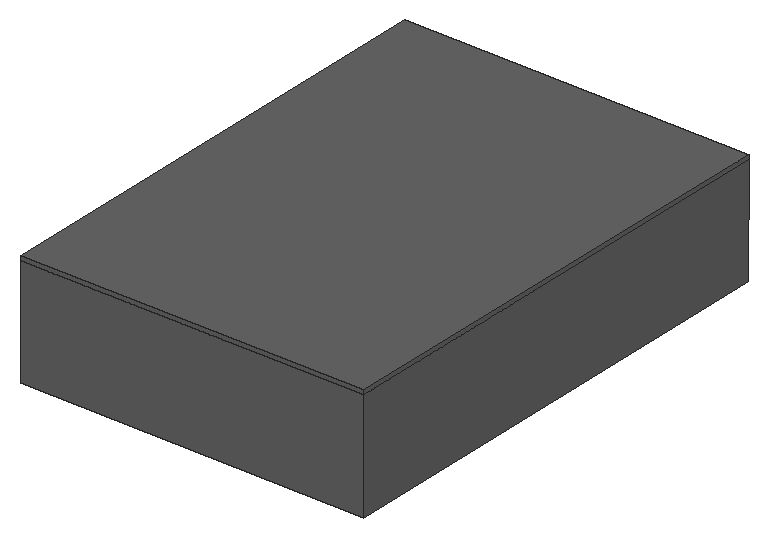
Revit family "Control_Panels-Lutron-Panel_Enclosure-LV14 new", category Electrical Equipment, host Face, Revit 2017
Family settings
  Host = Face
  Panel Configuration = Two Columns, Circuits Across
  Round Connector Dimension = Use Radius
  Part Type = Panelboard
  OmniClass Number = 23.80.30.11.17
  OmniClass Title = Distribution Boards and Control Panels
  Cut with Voids When Loaded = No
  Shared = No
  Room Calculation Point = No
Parameters (values of type "L-LV14-120")
  Wattage = ""
  Warranty URL = "http://www.lutron.com/en-US/Service-Support/Pages/Service/Warranty/Warranty.aspx"
  Voltage = "120.00 V"
  Video Link = "https://www.youtube.com/user/LutronElectronicsInc"
  Version = "2017 - v1.0a"  # constant formula
  Unit Weight = 0.00 lbf
  URL = "http://www.lutron.com"
  Type Comments = ""
  Support Phone = "(224) 699-9545"  # constant formula
  Support Email = "mailto: support@anguleris.com"
  built-in parameter 1140142 = (empty or 0)
  built-in parameter 1140080 [instance] = (empty or 0)
  Series = "HomeWorks QS"  # constant formula
  Product Page URL = "http://www.lutron.com/en-US/Products/Pages/WholeHomeSystems/Homeworksqs/Overview.aspx"
  Product Name = "Low-Voltage Enclosure"  # constant formula
  Product Documentation Link = "http://www.lutron.com/TechnicalDocumentLibrary/369-604a_Eng.pdf"
  Power Factor = 1
  Phase = 1
  Performance URL = "http://www.lutron.com/en-US/Service-Support/Pages/Technical/PerfomanceSpecs.aspx"
  Panel Name [instance] = "Panel Enclosure - LV14"  # constant formula
  Overall Width = 9 51/256"  # constant formula
  Overall Height = 13 77/256"  # constant formula
  Overall Depth = 3 41/256"  # constant formula
  Number of Poles = 1
  Neutral Rating = 0.00%
  built-in parameter 1140145 = 1
  built-in parameter 1140081 [instance] = "Surface"  # constant formula
  built-in parameter 1140084 [instance] = (empty or 0)
  Model = "L-LV14-120"
  built-in parameter 1140079 [instance] = 8
  Material = ""
  Manufacturer Phone Number = "610-282-3800"  # constant formula
  Manufacturer Fax Number = "610-282-1243"  # constant formula
  Manufacturer Email = "mailto:support@lutron.com"
  Manufacturer Address = "7200 Suter Rd, Coopersburg, PA 18036"  # constant formula
  Manufacturer = "Lutron Electronics Co., Inc"  # constant formula
  Mains Type = ""
  built-in parameter 1140082 [instance] = 1 (stored number, unit not read)
  built-in parameter 1140140 = 1 (stored number, unit not read)
  Load Classification = Power
  Keynote = ""
  Instruction Sheet Link = "http://www.lutron.com/TechnicalDocumentLibrary/032164a.pdf"
  Ground Bus = yes
  Frequency = 60 Hz
  Finish = Steel - Lutron - Black
  Feed Through Control Circuit Voltage = 1.03572 V
  Feed Through Control Circuit Load [instance] = 0 VA
  built-in parameter 1140138 [instance] = "120 V"
  built-in parameter 1140083 [instance] = "14-inch Low-Voltage Enclosure (Model L-LV14)"  # constant formula
  Electrical Potential = 1.03572 V
  Description = "Low-Voltage Enclosure"  # constant formula
  Default Elevation = 0"
  Cost Info = "mailto:custsvc@lutron.com"
  Cost = 0
  Copyright = "© 2019 Lutron Electronics Co., Inc."  # constant formula
  built-in parameter 1140086 [instance] = (empty or 0)
  built-in parameter 1140085 [instance] = (empty or 0)
  built-in parameter 1140087 [instance] = 1
  built-in parameter 1140143 = (empty or 0)
  Assembly Code = "D5020"
Types (2): name | Voltage | Model | Feed Through Control Circuit Voltage | built-in parameter 1140138 | Electrical Potential
  L-LV14-120 | "120.00 V" | "L-LV14-120" | 1.03572 V | "120 V" | 1.03572 V
  L-LV14-230 | "230.00 V" | "L-LV14-230" | 1.04 V | "230 V" | 1.04 V
Reference planes (in)
  plane 1 "Center (Front/Back)": y = 0
  plane 2: z = 0
  plane 3 "Center (Left/Right)": x = 0
  plane 4: y = 13.30078
  plane 5: x = 4.59961
  plane 6: x = -4.59961
  plane 7: z = 3.16
  plane 8: x = 4.74961
  plane 9: x = -4.74961
  plane 10: y = 6.65039
  plane 11: z = 3.035
Forms (in)
  Extrusion 1, solid, material "Steel - Lutron - Black" <- "Finish"
    sketch origin (-60, -180, 12) x (-1, 0, 0) y (0, -1, 0)
      loop
        line (-55.25039, -193.30078) -> (-55.25039, -180) -> (-64.74961, -180) -> (-64.74961, -193.30078) -> (-55.25039, -193.30078)
    from -12 to -8.965
  Extrusion 2, solid, material "Steel - Lutron - Black" <- "Finish"
    sketch origin (-60, -180, 12) x (-1, 0, 0) y (0, -1, 0)
      loop
        line (-55.25039, -193.30078) -> (-55.25039, -180) -> (-64.74961, -180) -> (-64.74961, -193.30078) -> (-55.25039, -193.30078)
    from -8.965 to -8.84
Lines and regions (in)
  Split face 1
    outline origin (-60, -180, 3.16) x (-1, 0, 0) y (0, -1, 0)
      loop
        line (-60.15434, -182.0973) -> (-63.55477, -182.0973) -> (-63.55477, -191.18553) -> (-60.15434, -191.18553) -> (-60.15434, -182.0973)
  Masking region 1
    outline origin (0, 0, 0) x (1, 0, 0) y (0, 0, 1)
      loop
        line (-4.74961, 3.16) -> (-4.74961, 0) -> (4.74961, 0) -> (4.74961, 3.16) -> (-4.74961, 3.16)
  symbolic lines, detail levels medium+fine
    curve 1: line (4.74961, 0, 3.035) -> (-4.74961, 0, 3.035)
  symbolic lines
    curve 2: circle (-4.26774, 11.166, 12) r 0.14124 normal (0, 0, 1)
    curve 3: circle (-4.26774, 2.09696, 12) r 0.14124 normal (0, 0, 1)
    curve 4: circle (4.24982, 11.166, 12) r 0.14124 normal (0, 0, -1)
    curve 5: circle (4.24982, 2.09696, 12) r 0.14124 normal (0, 0, -1)
Dimensions and locks (in)
  plane 7 to level = 3.16"
  "Overall Height": plane 1 "Center (Front/Back)" to plane 4
  "Overall Width": plane 6 to plane 5
  host sketch curve to plane 3 "Center (Left/Right)" = 48"  (x2)
  locked: host sketch curve to plane 3 "Center (Left/Right)" at 48  (x10)
  locked: host sketch curve to plane 1 "Center (Front/Back)" at 49.60406  (x5)
  host sketch curve to plane 1 "Center (Front/Back)" = 49.60406"
  locked: host sketch curve to plane 1 "Center (Front/Back)" at 48  (x5)
  host sketch curve to plane 1 "Center (Front/Back)" = 48"
  Extrusion 1 to level = 3.035"
  locked: Extrusion 1 to level at 3.035
  Extrusion 2 to level = 3.16"
  Extrusion 2 to level = 3.035"
  locked: Extrusion 2 to level at 3.16
  locked: Extrusion 2 to level at 3.035
  locked: plane 9 to plane 6 at 0.15
  locked: plane 5 to plane 8 at 0.15
  equal spacing: plane 6, plane 3 "Center (Left/Right)", plane 5
  equal spacing: plane 1 "Center (Front/Back)", plane 10, plane 4
  aligned and locked: plane 2 to host face
  aligned and locked: level to host face
  aligned and locked: Masking region 1 sketch curve to plane 7
  aligned and locked: plane 2 to Masking region 1 sketch curve
  aligned and locked: plane 4 to Extrusion 2 sketch curve
  aligned and locked: Extrusion 2 sketch curve to plane 1 "Center (Front/Back)"
  aligned and locked: plane 9 to Extrusion 2 sketch curve
  aligned and locked: plane 8 to Extrusion 2 sketch curve
  aligned and locked: plane 9 to Extrusion 1 sketch curve
  aligned and locked: plane 8 to Extrusion 1 sketch curve
  aligned and locked: Extrusion 1 sketch curve to plane 1 "Center (Front/Back)"
  aligned and locked: plane 4 to Extrusion 1 sketch curve
  aligned and locked: plane 11 to Extrusion 1
  aligned and locked: Extrusion 2 to plane 11
  aligned and locked: plane 7 to Extrusion 2
  aligned and locked: plane 9 to Masking region 1 sketch curve
  aligned and locked: plane 8 to Masking region 1 sketch curve
  aligned and locked: plane 9 to curve 1
  aligned and locked: plane 8 to curve 1
Automatic sketch dimensions
  curve 1 to plane 7 = 1/8"
  plane 5 to curve 4 = 0.34979"
  plane 5 to curve 5 = 0.34979"
  plane 6 to curve 3 = 0.33187"
  plane 6 to curve 2 = 0.33187"
  plane 4 to curve 2 = 2.13478"
  plane 4 to curve 4 = 2.13478"
  curve 5 to plane 1 "Center (Front/Back)" = 2.09696"
  curve 3 to plane 1 "Center (Front/Back)" = 2.09696"
  Split face 1 sketch curve to Extrusion 2 = 1.19484"
  Split face 1 sketch curve to Split face 1 sketch curve = 3.40042"
  Split face 1 sketch curve to Extrusion 2 = 2.11525"
  Split face 1 sketch curve to Extrusion 2 = 2.0973"
  radius of curve 2 = 0.14124"
  radius of curve 3 = 0.14124"
  radius of curve 5 = 0.14124"
  radius of curve 4 = 0.14124"
Connectors (in)
  electrical at (-5, 8.62456, 1.875), driven by "Load Classification", driven by "Electrical Potential", driven by "Feed Through Control Circuit Load", driven by "Number of Poles", driven by "Power Factor"
    settings: on Extrusion 1, index 1, voltage 1.03572 V, apparent load 0 VA, apparent load phase1 0 VA, apparent load phase2 0 VA, apparent load phase3 0 VA, power factor 1, load classification "Power", number of poles 1, system type 30, power factor state 1, is connector primary yes, connector utility no, sub classification motor no, connector description "Feed Through Control Circuit Connection"
  electrical at (0, 13.30078, 1.5175)
    settings: on Extrusion 1, index 3, voltage 0 V, apparent load 0 VA, apparent load phase1 0 VA, apparent load phase2 0 VA, apparent load phase3 0 VA, power factor 1, load classification "Power", number of poles 1, system type 31, power factor state 1, is connector primary no, connector utility no, sub classification motor no, connector description "Power Connection"
